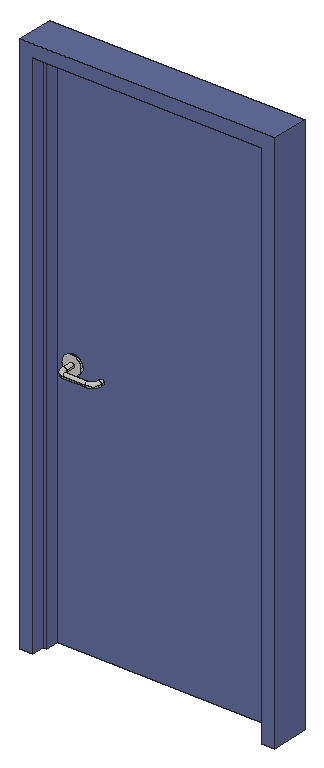
Revit family "Door_BlastResistant_Ambico_Single-Flush", category Doors, host Wall, Revit 2026
Family settings
  Host = Wall
  Classification Number = 23.30.10.21.37.14
  Always vertical = Yes
  Cut with Voids When Loaded = No
  Shared = No
  Room Calculation Point = No
Parameters (values of type "ByType")
  ofst = 0' - 0"
  Wind Load = ""
  Water Penetration = ""
  Stop Width = 0' - 0 5/8"
  Stop Depth = Frame Thickness - (Door Rabbet * 2)  # 0' - 2"
  Sound Transmission Class (STC) = 0
  RO Offset = 0' - 0"
  Panel Height = Height  # 7' - 0"
  Hardware Finish = Metal - Stainless Steel - Ambico - 4 Finish
  Handle Type Interior [instance] = Handle_Generic Lever : Handle_Generic Lever
  Handle Type Exterior [instance] = Handle_Generic Lever : Handle_Generic Lever
  Handle Height [instance] = 3' - 4"
  Function = Interior
  Frame Width = 0' - 2"
  Frame Thickness = 0' - 5 7/8"
  Frame Inset from Exterior [instance] = 0' - 0"
  Frame Finish = Metal - Steel - Ambico - Painted - Blue
  Door Rabbet = Thickness + 0' 0 3/16"  # 0' - 1 15/16"
  Building Code Conformance = ""
  Blast Resistance = ""
  Air Infiltration = ""
  ASTM Conformance = ""
  Panel Width = Width  # 3' - 0"
  Panel Material = Metal - Steel - Ambico - Painted - Blue
  Manufacturer Phone = "613-746-4663 "
  Warranty Duration (Years) = 0
  URL = "http://www.ambico.com/"
  Thickness = 0' - 1 3/4"
  Test Data = ""
  Specification = "http://www.arcat.com/sd/clients/ambico.html?coid=40356"
  SpecWizard = ""
  Send Message = "http://www.arcat.com/users.pl?action=UserEmail&company=Ambico Limited&coid=40356&rep=119&fax=800-465-8561&mf="
  Sales Information = "http://www.ambico.com/contact.html"
  Rough Width = (Width + (RO Offset * 2))  # 3' - 0"
  Rough Height = (Height + (RO Offset))  # 7' - 0"
  R_Value = 0
  Product Properties = ""
  Product Data = "http://www.arcat.com/arcatcos/cos40/arc40356.html"
  Manufacturer Website = "http://www.ambico.com/"
  Manufacturer Phone - Toll Free = "888-423-2224"
  Manufacturer Fax = "800-465-8561"
  Manufacturer Address = "1120 Cummings Ave. Ottawa, ON Canada K1J 7R8"
  Maintenance Schedule (Months) = 0
  Installation-Fabrication = "http://www.ambico.com/specs-a-cads-library.html"
  Installation Phase = ""
  Green Building-LEED = "http://www.arcat.com/green/clients/leed_data_40356.html"
  Model = "As Specified"
  Manufacturer = "Ambico Limited"
  Keynote = "08300"
  Height = 7' - 0"
  Wall Closure = By host
  Width = 3' - 0"
  Fire Rating = "As Specified in 08300"
  Expected Lifespan (Years) = 0
  Drawn By = "Sumex Design, Inc. / Robert S. Weygant, CSI, CDT, SCIP"
  Description = "Ambico Door as Specified"
  Copyright = "©Arcat Inc."
  Construction Details = "http://www.arcat.com/details/ambico/ambico.html?coid=40356"
  Building Codes = ""
  Assembly Code = ""
  ADA Compliant = yes
  AAMA Designation = ""
Reference planes (in)
  plane 1 "Center (Front/Back)": y = -34.46225
  plane 2 "Center (Left/Right)": x = 62.28704
  plane 3: z = 0
  plane 4 "Right": x = 82.28704
  plane 5 "Left": x = 42.28704
  plane 6 "Closure": y = -36.46225
  plane 7: z = 0
  plane 8 "Top of Frame": z = 86
  plane 9 "RO Top": z = 86
  plane 10 "RO Right": x = 82.28704
  plane 11 "RO Left": x = 42.28704
  plane 12 "Frame Ext": y = -31.96225
  plane 13 "Frame Int": y = -37.83725
  plane 14: x = 80.28704
  plane 15: x = 44.28704
  plane 16: z = 84
  plane 17: z = 40
  plane 18: y = -33.71225
  plane 19: y = -33.71225
  plane 20: y = -31.96225
Forms (in)
  Sweep 1, solid, material "Metal - Steel - Ambico - Painted - Blue" <- "Frame Finish"
    path origin (1.99114, -31.96225, 48) x (-1, 0, 0) y (0, 0, 1)
      loop
        line (-80.2959, -48) -> (-80.2959, 38) -> (-40.2959, 38) -> (-40.2959, -48)
    profile "P_Frame_Standard : P_Frame_Standard" origin (82.28704, -31.96225, 43) x (1, 0, 0) y (0, 1, 0)
      loop
        line (0, 0) -> (-2, 0) -> (-2, -1.9375) -> (-2.625, -1.9375) -> (-2.625, -3.9375) -> (-2, -3.9375) -> (-2, -5.875) -> (0, -5.875) -> (0, 0)
Lines and regions (in)
  Opening 1
    outline origin (-109.33485, -36.46225, 0) x (1, 0, 0) y (0, 0, 1)
      loop
        line (151.62189, 0) -> (191.62189, 0) -> (191.62189, 86) -> (151.62189, 86) -> (151.62189, 0)
Text (in)
  text "Exterior" at (50.54558, 27.31104, 0), in view "A101 - Plan View"
  text "Interior" at (50.54558, -25.14366, 0), in view "A101 - Plan View"
  text "Exterior" at (0, -17.98638, 123.01588), in view "Right"
  text "Interior" at (0, -64.39139, 123.01588), in view "Right"
  text "Interior" at (0, -52.09468, 121.14095), in view "Left"
  text "Exterior" at (0, 26.35325, 123.00693), in view "Left"
Dimensions and locks (in)
  equal spacing: plane 4 "Right", plane 2 "Center (Left/Right)", plane 5 "Left"
  "RO Offset": plane 5 "Left" to plane 11 "RO Left"
  "RO Offset": plane 10 "RO Right" to plane 4 "Right"
  "RO Offset": plane 9 "RO Top" to plane 8 "Top of Frame"
  "Frame Thickness": plane 12 "Frame Ext" to plane 13 "Frame Int"
  "Frame Width": plane 16 to plane 8 "Top of Frame"
  "Frame Width": plane 4 "Right" to plane 14
  "Frame Width": plane 5 "Left" to plane 15
  "Frame Inset from Exterior": plane 20 to plane 12 "Frame Ext"
  "Handle Height": level to plane 17
  locked: plane 15 to nested 3 at 3
  locked: plane 15 to nested 2 at 3
  "Thickness": plane 12 "Frame Ext" to plane 19
  "ofst": plane 18 to plane 19
  locked: plane 20 to host wall at 0.5
  "Height": level to plane 16
  "Width": plane 15 to plane 14
  aligned and locked: host wall to plane 1 "Center (Front/Back)"
  aligned and locked: host wall to plane 6 "Closure"
  aligned and locked: plane 2 "Center (Left/Right)" to nested 1
  aligned and locked: plane 12 "Frame Ext" to nested 1
  aligned and locked: plane 17 to nested 3
  aligned and locked: nested 2 to plane 17
Automatic sketch dimensions
  Opening 1 sketch curve to plane 9 "RO Top" = 0' - 0"
  Opening 1 sketch curve to plane 11 "RO Left" = 0' - 0"
  Opening 1 sketch curve to plane 10 "RO Right" = 0' - 0"
  Opening 1 sketch curve to level = 0' - 0"
  Sweep 1 sketch curve to plane 4 "Right" = 0' - 0"
  Sweep 1 sketch curve to plane 5 "Left" = 0' - 0"
  Sweep 1 sketch curve to level = 0' - 0"  (x2)
  Sweep 1 sketch curve to plane 8 "Top of Frame" = 0' - 0"
Nested families (in)
  nested 1: "Panel_Flush" at (62.28704, -32.83725, 0) x (-1, 0, 0) z (0, 0, 1), Material <- "Panel Material", Width <- "Panel Width", Thickness <- "Thickness", Height <- "Panel Height", type "Panel_Flush"
    with offset 0' - 0", Width 3' - 0", Thickness 0' - 1 3/4", Material Metal - Steel - Ambico - Painted - Blue, Height 7' - 0", Applied Panel no
  nested 2: "Handle_Generic Lever" at (47.28704, -31.96225, 40) x (-1, 0, 0) z (0, 1, 0), Material <- "Hardware Finish", type <- "Handle Type Exterior", type "Handle_Generic Lever"
    with Material Metal - Stainless Steel - Ambico - 4 Finish
  nested 3: "Handle_Generic Lever" at (47.28704, -33.71225, 40) x (-1, 0, 0) z (0, -1, 0), Material <- "Hardware Finish", type <- "Handle Type Interior", type "Handle_Generic Lever"
    with Material Metal - Stainless Steel - Ambico - 4 Finish
Definition of nested family "Panel_Flush"
  Parameters
    offset [instance] = 0' - 0"
    Width [instance] = 3' - 0"
    Warranty Duration (Years) = 0
    URL = "http://www.ambico.com/"
    Thickness [instance] = 0' - 2"
    Specification = "http://www.arcat.com/sd/clients/ambico.html?coid=40356"
    SpecWizard = ""
    Send Message = "http://www.arcat.com/users.pl?action=UserEmail&company=Ambico Limited&coid=40356&rep=119&fax=800-465-8561&mf="
    Sales Information = "http://www.ambico.com/contact.html"
    Revision = "R1_03-2012"
    Product Properties = ""
    Product Data = "http://www.arcat.com/arcatcos/cos40/arc40356.html"
    Model = "As Specified"
    Material [instance] = none
    Manufacturer Website = "http://www.ambico.com/"
    Manufacturer Phone - Toll Free = "888-423-2224"
    Manufacturer Phone = "613-746-4663 "
    Manufacturer Fax = "800-465-8561"
    Manufacturer Address = "1120 Cummings Ave. Ottawa, ON Canada K1J 7R8"
    Manufacturer = "Ambico Limited"
    Maintenance Schedule (Months) = 0
    Keynote = "08300"
    Installation-Fabrication = "http://www.ambico.com/specs-a-cads-library.html"
    Installation Phase = ""
    Height [instance] = 7' - 0"
    Green Building-LEED = "http://www.arcat.com/green/clients/leed_data_40356.html"
    Expected Lifespan (Years) = 0
    Drawn By = "Sumex Design, Inc. / Robert S. Weygant, CSI, CDT, SCIP"
    Description = "Ambico Door Product as Specified"
    Default Elevation = 4' - 0"
    Copyright = "©Arcat Inc."
    Construction Details = "http://www.arcat.com/details/ambico/ambico.html?coid=40356"
    Assembly Code = ""
    Applied Panel [instance] = yes
  Reference planes (in)
    plane 1 "Center (Front/Back)": y = 0
    plane 2 "Bottom": z = 0
    plane 3 "Center (Left/Right)": x = 0
    plane 4 "Front": y = -1
    plane 5 "Back": y = 1
    plane 6 "Left": x = -18
    plane 7 "Right": x = 18
    plane 8 "Top": z = 84
    plane 9: z = 42
  Forms (in)
    Extrusion 1, solid, material <- "Material"
      sketch origin (0, 1, 0) x (-1, 0, 0) y (0, 0, 1)
        loop
          line (18, 84) -> (-18, 84) -> (-18, 0) -> (18, 0) -> (18, 84)
      from 0 to -2
    Extrusion 2, solid, material <- "Material", visible <- "Applied Panel"
      sketch origin (-11.94222, -1, 48) x (-1, 0, 0) y (0, 0, 1)
        loop
          line (5.55778, 35.5) -> (-29.44222, 35.5) -> (-29.44222, -48) -> (5.55778, -48) -> (5.55778, 35.5)
      from 0 to -1
  Lines and regions (in)
    symbolic lines
      curve 1: line (18, 0, 84) -> (-18, 0, 42)
      curve 2: line (-18, 0, 42) -> (18, 0, 0)
      curve 3: arc (18, 1, 0) -> (7.45584, 26.45584, 0) -> (-18, 37, 0) r 36
      curve 4: line (-18, 37, 0) -> (-18, 1, 0)
  Dimensions and locks (in)
    equal spacing: plane 6 "Left", plane 3 "Center (Left/Right)", plane 7 "Right"
    "Width": plane 6 "Left" to plane 7 "Right"
    equal spacing: plane 5 "Back", plane 1 "Center (Front/Back)", plane 4 "Front"
    "Thickness": plane 5 "Back" to plane 4 "Front"
    "Height": plane 8 "Top" to level
    equal spacing: plane 8 "Top", plane 9, level
    aligned and locked: Extrusion 1 to plane 4 "Front"
  Automatic sketch dimensions
    Extrusion 1 sketch curve to plane 7 "Right" = 0' - 0"
    Extrusion 1 sketch curve to level = 0' - 0"
    Extrusion 1 sketch curve to plane 6 "Left" = 0' - 0"
    Extrusion 1 sketch curve to plane 8 "Top" = 0' - 0"
    curve 1 to plane 6 "Left" = 0' - 0"
    curve 2 to level = 0' - 0"
    curve 2 to plane 7 "Right" = 0' - 0"
    curve 1 to plane 7 "Right" = 0' - 0"
    curve 1 to plane 9 = 0' - 0"
    curve 1 to plane 8 "Top" = 0' - 0"
    curve 4 to plane 5 "Back" = 0' - 0"
    curve 3 to plane 6 "Left" = 0' - 0"
    curve 3 to plane 5 "Back" = 0' - 0"
    curve 3 to plane 7 "Right" = 0' - 0"
    Extrusion 2 sketch curve to level = 0' - 0"
    Extrusion 2 sketch curve to plane 7 "Right" = 0' - 0 1/2"
    plane 6 "Left" to Extrusion 2 sketch curve = 0' - 0 1/2"
    Extrusion 2 sketch curve to plane 8 "Top" = 0' - 0 1/2"
Definition of nested family "Handle_Generic Lever"
  Parameters
    Material [instance] = none
    Default Elevation = 4' - 0"
  Reference planes (in)
    plane 1 "Center (Front/Back)": y = 0
    plane 2: z = 0
    plane 3 "Center (Left/Right)": x = 0
  Forms (in)
    Sweep 1, solid, material <- "Material"
      path origin (0, 0, 0) x (1, 0, 0) y (0, 0, 1)
        loop
          line (0, 0) -> (0, 1.76511)
          arc (0, 1.76511) -> (-0.29289, 2.47221) -> (-1, 2.76511) r 1
          line (-1, 2.76511) -> (-4.5, 2.76511)
          arc (-4.5, 2.76511) -> (-5.20711, 2.47221) -> (-5.5, 1.76511) r 1
          line (-5.5, 1.76511) -> (-5.5, 1.26511)
      profile origin (0, 0, 0.88255) x (-1, 0, 0) y (0, -1, 0)
        loop
          circle (0, 0) r 0.375
    Extrusion 2, solid, material <- "Material"
      sketch origin (0, 0, 0) x (1, 0, 0) y (0, 1, 0)
        loop
          circle (0, 0) r 1.5
      from 0 to 0.25
  Cuts and joins
    joined: Sweep 1, Extrusion 2
